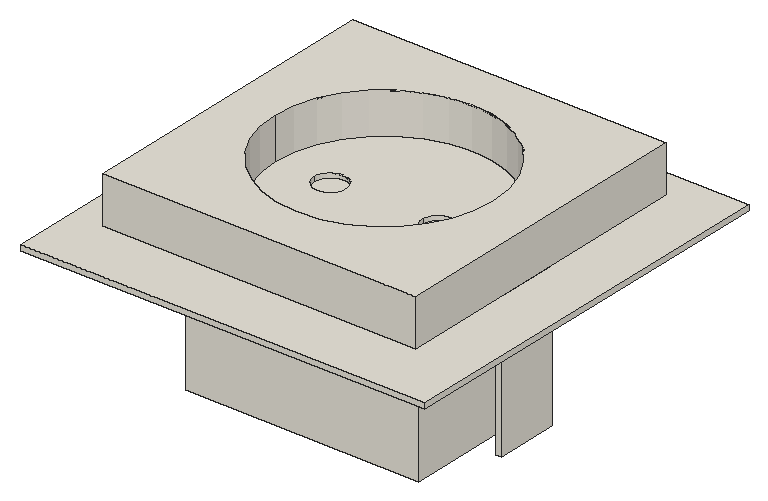
Revit family "Gira_277626", category Electrical Fixtures, host Face, Revit 2017
Family settings
  Host = Face
  Maintain Annotation Orientation = Yes
  Round Connector Dimension = Use Diameter
  Part Type = Normal
  Cut with Voids When Loaded = No
  Shared = No
  Room Calculation Point = No
Parameters (values of type "Steckd. BS 13 A SH System 55 F Alu")
  Überspannungsschutz = "No"
  Werkstoffgüte = "sonstige"
  Werkstoff = "sonstige"
  Verdrehter Zentraleinsatz = "No"
  URL = "http://katalog.gira.de/de_DE/datenblatt.html?artikelnr=277626"
  Transparent = "No"
  Textfeld/Beschriftungsfläche = "No"
  Sonderstromversorgung = "ohne Sonderstromversorgung"
  Schutzleiterkontakt rund = "No"
  Schutzkontakt = "No"
  Region = "DE"
  Oberfläche = "sonstige"
  Nennstrom = "13 Ampere"
  Nennspannung = "250 Volt"
  Name = "Steckd. BS 13 A SH System 55 F Alu"
  Montageart = "unter Putz"
  Model = "SYS55_Steckdose"
  Mit erhöhtem Berührungsschutz = "Yes"
  Mit eingebauter USB-Spannungsversorgung = "No"
  Mit Signallampe = "No"
  Mit Orientierungsbeleuchtung = "No"
  Mit Klappdeckel = "No"
  Mit Funktionsbeleuchtung = "No"
  Mit Feinsicherung = "No"
  Mit Ein-/Ausschalter = "No"
  Mit Durchschleiffunktion = "No"
  Manufacturer URL = "https://www.gira.de/"
  Isolierter Einbau = "No"
  HeinzeBIM = "https://bimportal.heinze.de/bim/steckd-bs-13-a-sh-system-55-f-alu/7186e1f38b4b65ba993e06a44e5571673fd42ec7"
  Halogenfrei = "No"
  HAN = "277626"
  Geeignet für Schutzart (IP) = "IP20"
  GTIN = "4010337079361"
  Für "erschwerte Bedingungen" (nach VDE) = "No"
  Fehlerstromschutz = "No"
  Farbe = "aluminium"
  Default Elevation = 1219.2 mm
  Data sheet (1) = "https://katalog.gira.de/de_DE/download.html?artikelnr=277626"
  Cremeweiß glänzend = Cremeweiß glänzend
  Category = "Steckdose"
  Befestigungsart = "Befestigung mit Schraube"
  Available = "Yes"
  Auswurfmechanismus = "No"
  Ausführung = "British Standard"
  Aufdruck/Kennzeichnung = "ohne Aufdruck"
  Anzahl der Steckdosen schaltbar = "0 "
  Anzahl der Module (bei Modulbauweise) = "1 "
  Anzahl der Einheiten = "1 "
  Antibakterielle Behandlung = "No"
  Anschlussart = "Schraubklemme"
  Abschließbar = "No"
Reference planes
  plane 1 "Center (Front/Back)": y = 0
  plane 2 "Reference Level 0": z = 0
  plane 3 "Center (Left/Right)": x = 0
  plane 4: x = 9.5
  plane 5: x = -9.5
  plane 6: x = 9.5
  plane 7: x = -9.5
  plane 8: x = 9.5
  plane 9: x = -9.5
  plane 10: x = 17.5
  plane 11 "Reference Level 1": z = 8.2
Forms (mm)
  Extrusion 1, solid, material "Cremeweiß glänzend" <- "Cremeweiß glänzend", detail levels coarse
    sketch origin (0, 0, 0) x (1, 0, 0) y (0, 1, 0)
      loop
        line (-35.5, 35.5) -> (-35.5, -35.5) -> (35.5, -35.5) -> (35.5, 35.5) -> (-35.5, 35.5)
    from -27.5 to 8.2
  Extrusion 2, solid, material "Cremeweiß glänzend" <- "Cremeweiß glänzend", detail levels medium+fine
    sketch origin (0, 0, 0) x (1, 0, 0) y (0, 1, 0)
      loop
        line (-35.5, 35.5) -> (-35.5, -35.5) -> (35.5, -35.5) -> (35.5, 35.5) -> (-35.5, 35.5)
    from -2.2 to -3.2
  Extrusion 3, solid, material "Cremeweiß glänzend" <- "Cremeweiß glänzend", detail levels medium+fine
    sketch origin (0, 0, 0) x (1, 0, 0) y (0, 1, 0)
      loop
        line (-27.5, 27.5) -> (-27.5, -27.5) -> (27.5, -27.5) -> (27.5, 27.5) -> (-27.5, 27.5)
      loop
        circle (0, 0) r 19.2
    from 0 to 8.2
  Extrusion 4, solid, material "Cremeweiß glänzend" <- "Cremeweiß glänzend", detail levels fine
    sketch origin (0, 0, 0) x (1, 0, 0) y (0, 1, 0)
      loop
        circle (0, 0) r 19.2
      loop
        circle (9.5, 0) r 2.8
      loop
        circle (-9.5, 0) r 2.8
    from 0 to 1
  Extrusion 5, solid, material "Cremeweiß glänzend" <- "Cremeweiß glänzend", detail levels fine
    sketch origin (0, 0, 0) x (1, 0, 0) y (0, 1, 0)
      loop
        circle (-9.5, 0) r 2.8
      loop
        circle (9.5, 0) r 2.8
    from -2.2 to 0.3
  Extrusion 6, solid, material "Cremeweiß glänzend" <- "Cremeweiß glänzend", detail levels medium
    sketch origin (0, 0, 0) x (1, 0, 0) y (0, 1, 0)
      loop
        circle (0, 0) r 19.2
      loop
        circle (9.5, 0) r 2.8
      loop
        circle (-9.5, 0) r 2.8
    from 7.2 to 8.2
  Extrusion 7, solid, material "Cremeweiß glänzend" <- "Cremeweiß glänzend", detail levels medium
    sketch origin (0, 0, 0) x (1, 0, 0) y (0, 1, 0)
      loop
        circle (-9.5, 0) r 2.8
      loop
        circle (9.5, 0) r 2.8
    from 7.2 to 8.2
  Extrusion 8, solid, material "Cremeweiß glänzend" <- "Cremeweiß glänzend", detail levels medium+fine
    sketch origin (0, 0, 0) x (1, 0, 0) y (0, 1, 0)
      loop
        line (-20.5, 9) -> (-20.5, -18) -> (20.5, -18) -> (20.5, 9) -> (17.5, 9) -> (3, 21) -> (3, 24) -> (-3, 24) -> (-3, 21) -> (-17.5, 9) -> (-20.5, 9)
    from 0 to -27.5
  Extrusion 9, solid, material "Cremeweiß glänzend" <- "Cremeweiß glänzend", detail levels medium+fine
    sketch origin (0, 0, 0) x (1, 0, 0) y (0, 1, 0)
      loop
        line (-25, 5.5) -> (-25, -5.5) -> (-24, -5.5) -> (-24, 5.5) -> (-25, 5.5)
    from 0 to -27.5
  Extrusion 10, solid, material "Cremeweiß glänzend" <- "Cremeweiß glänzend", detail levels medium+fine
    sketch origin (0, 0, 0) x (-1, 0, 0) y (0, -1, 0)
      loop
        line (-25, 5.5) -> (-25, -5.5) -> (-24, -5.5) -> (-24, 5.5) -> (-25, 5.5)
    from 0 to -27.5
Dimensions and locks
  aligned and locked: plane 2 "Reference Level 0" to host face
  aligned and locked: level to host face
  aligned and locked: plane 3 "Center (Left/Right)" to nested 1
  aligned and locked: plane 1 "Center (Front/Back)" to nested 1
Nested families
  nested 1: "Steckdose 1-fach Beschriftung" at (0, 0, 0), type "Steckdose 1-fach Beschriftung"
Connectors
  electrical at (0, 9, -27.5)
    settings: on Extrusion 8, index 1, voltage 220 V, apparent load 0 VA, apparent load phase1 0 VA, apparent load phase2 0 VA, apparent load phase3 0 VA, power factor 1, load classification "Other", number of poles 1, system type 31, power factor state 1, is connector primary yes, connector utility no, sub classification motor no, connector description ""
Definition of nested family "Steckdose 1-fach Beschriftung"
  Reference planes
    plane 1: y = 0
    plane 2: x = 0
  Lines and regions (mm)
    detail lines
      curve 1: line (0, 0, 0) -> (0, 2, 0)
      curve 3: line (0, 2, 0) -> (-1, 2, 0)
      curve 4: arc (1, 3, 0) -> (0, 2, 0) -> (-1, 3, 0) r 1
      curve 5: line (0, 2, 0) -> (1, 2, 0)
    reference lines
      curve 2: line (-0.485, 3, 0) -> (2.315, 3, 0)
  Dimensions and locks
    curve 1 to curve 1 = 2 mm
    plane 1 to curve 2 = 3 mm
    curve 3 to curve 3 = 1 mm
